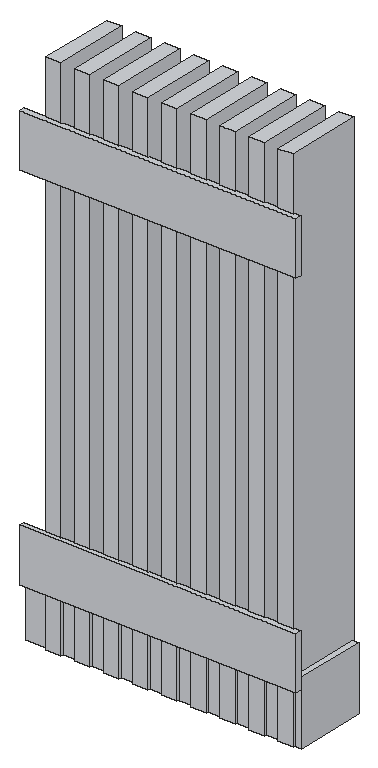
Revit family "GIS_Transformer_Radiator", category Modelos genéricos, Revit 2027
Family settings
  Pode hospedar o vergalhão = Não
  Cota do conector redondo = Utilizar diâmetro
  Tipo de parte = Normal
  Com base no plano de trabalho = Não
  Sempre na vertical = Sim
  Corte com vazios quando carregada = Não
  Manter orientação da anotação = Não
  Compartilhado = Não
  Ponto de cálculo do ambiente = Não
Parameters (values of type "TR_RADIATOR_STUDY")
  Elevação padrão = 0 mm
  BIM_TensaoSecundaria_kV = 0
  BIM_TensaoNominal_kV = 0
  BIM_TensaoClasse_kV = 0
  BIM_TensaoClasseSecundaria_kV = 0
  BIM_Sistema_Elemento [instance] = ""
  BIM_ReferenciaCatalogo = "Portfolio estimate; cooling data pending transformer datasheet"
  BIM_Profundidade = 320 mm
  BIM_Potencia_MVA = 0
  BIM_Localizacao [instance] = ""
  BIM_Largura = 1250 mm
  BIM_Impedancia_pu = 0
  BIM_FonteGeometria = "Portfolio estimate; cooling data pending transformer datasheet"
  BIM_Fabricante = "NAO SELECIONADO"
  BIM_EstadoGeometria = "ESTIMATED"
  BIM_EstadoEspecificacao = "PREMISSA / NAO SELECIONADO"
  BIM_DescricaoEstudo = "Banco de radiadores conceitual; area e perda termica nao selecionadas."
  BIM_CorrenteReferenciaSecundaria_A = 0
  BIM_CorrenteNominal_A = 0
  BIM_Bay [instance] = ""
  BIM_AlturaCorpoPrincipal = 288 mm
  BIM_Altura = 2400 mm
Reference planes
  plane 1 "Centro (Frente/Trás)": y = 0
  plane 2: z = 0
  plane 3 "Centro (Esquerda/Direita)": x = 0
  plane 4 "BIM Left": x = -625
  plane 5 "BIM Right": x = 625
  plane 6 "BIM Front": y = -160
  plane 7 "BIM Back": y = 160
Forms (mm)
  Extrusion 1, solid
    sketch origin (0, 0, 0) x (1, 0, 0) y (0, 1, 0)
      loop
        line (-625, -160) -> (625, -160) -> (625, 160) -> (-625, 160) -> (-625, -160)
    from 0 to 288 <- "BIM_AlturaCorpoPrincipal"
  Extrusion 2, solid
    sketch origin (0, 0, 0) x (1, 0, 0) y (0, 1, 0)
      loop
        line (-525, -170.668) -> (-456.25, -170.668) -> (-456.25, 170.668) -> (-525, 170.668) -> (-525, -170.668)
    from 0 to 2400
  Extrusion 3, solid
    sketch origin (0, 0, 0) x (1, 0, 0) y (0, 1, 0)
      loop
        line (-393.75, -170.668) -> (-325, -170.668) -> (-325, 170.668) -> (-393.75, 170.668) -> (-393.75, -170.668)
    from 0 to 2400
  Extrusion 4, solid
    sketch origin (0, 0, 0) x (1, 0, 0) y (0, 1, 0)
      loop
        line (-262.5, -170.668) -> (-193.75, -170.668) -> (-193.75, 170.668) -> (-262.5, 170.668) -> (-262.5, -170.668)
    from 0 to 2400
  Extrusion 5, solid
    sketch origin (0, 0, 0) x (1, 0, 0) y (0, 1, 0)
      loop
        line (-131.25, -170.668) -> (-62.5, -170.668) -> (-62.5, 170.668) -> (-131.25, 170.668) -> (-131.25, -170.668)
    from 0 to 2400
  Extrusion 6, solid
    sketch origin (0, 0, 0) x (1, 0, 0) y (0, 1, 0)
      loop
        line (0, -170.668) -> (68.75, -170.668) -> (68.75, 170.668) -> (0, 170.668) -> (0, -170.668)
    from 0 to 2400
  Extrusion 7, solid
    sketch origin (0, 0, 0) x (1, 0, 0) y (0, 1, 0)
      loop
        line (131.25, -170.668) -> (200, -170.668) -> (200, 170.668) -> (131.25, 170.668) -> (131.25, -170.668)
    from 0 to 2400
  Extrusion 8, solid
    sketch origin (0, 0, 0) x (1, 0, 0) y (0, 1, 0)
      loop
        line (262.5, -170.668) -> (331.25, -170.668) -> (331.25, 170.668) -> (262.5, 170.668) -> (262.5, -170.668)
    from 0 to 2400
  Extrusion 9, solid
    sketch origin (0, 0, 0) x (1, 0, 0) y (0, 1, 0)
      loop
        line (393.75, -170.668) -> (462.5, -170.668) -> (462.5, 170.668) -> (393.75, 170.668) -> (393.75, -170.668)
    from 0 to 2400
  Extrusion 10, solid
    sketch origin (0, 0, 0) x (1, 0, 0) y (0, 1, 0)
      loop
        line (525, -170.668) -> (593.75, -170.668) -> (593.75, 170.668) -> (525, 170.668) -> (525, -170.668)
    from 0 to 2400
  Extrusion 11, solid
    sketch origin (0, 0, 240) x (1, 0, 0) y (0, 1, 0)
      loop
        line (-625, -193.528) -> (625, -193.528) -> (625, -169.144) -> (-625, -169.144) -> (-625, -193.528)
    from 0 to 240
  Extrusion 12, solid
    sketch origin (0, 0, 1920) x (1, 0, 0) y (0, 1, 0)
      loop
        line (-625, -193.528) -> (625, -193.528) -> (625, -169.144) -> (-625, -169.144) -> (-625, -193.528)
    from 0 to 240
Dimensions and locks
  "BIM_Largura": plane 4 "BIM Left" to plane 5 "BIM Right"
  "BIM_Profundidade": plane 6 "BIM Front" to plane 7 "BIM Back"
  aligned and locked: level to plane 2
  aligned and locked: plane 4 "BIM Left" to Extrusion 1
  aligned and locked: Extrusion 1 to plane 5 "BIM Right"
  aligned and locked: Extrusion 1 to plane 6 "BIM Front"
  aligned and locked: plane 7 "BIM Back" to Extrusion 1
Automatic sketch dimensions
  Extrusion 1 sketch curve to plane 4 "BIM Left" = 0 mm
  Extrusion 1 sketch curve to plane 5 "BIM Right" = 0 mm
  Extrusion 1 sketch curve to plane 6 "BIM Front" = 0 mm
  Extrusion 1 sketch curve to plane 7 "BIM Back" = 0 mm
  Extrusion 2 sketch curve to plane 6 "BIM Front" = 10.668 mm
  Extrusion 2 sketch curve to plane 4 "BIM Left" = 100 mm
  plane 7 "BIM Back" to Extrusion 2 sketch curve = 10.668 mm
  Extrusion 2 sketch curve to Extrusion 2 sketch curve = 68.75 mm
  Extrusion 3 sketch curve to plane 6 "BIM Front" = 10.668 mm
  Extrusion 3 sketch curve to plane 4 "BIM Left" = 231.25 mm
  plane 7 "BIM Back" to Extrusion 3 sketch curve = 10.668 mm
  Extrusion 3 sketch curve to Extrusion 3 sketch curve = 68.75 mm
  Extrusion 4 sketch curve to plane 6 "BIM Front" = 10.668 mm
  Extrusion 4 sketch curve to plane 3 "Centro (Esquerda/Direita)" = 262.5 mm
  plane 7 "BIM Back" to Extrusion 4 sketch curve = 10.668 mm
  Extrusion 4 sketch curve to Extrusion 4 sketch curve = 68.75 mm
  Extrusion 5 sketch curve to plane 6 "BIM Front" = 10.668 mm
  Extrusion 5 sketch curve to plane 3 "Centro (Esquerda/Direita)" = 131.25 mm
  plane 7 "BIM Back" to Extrusion 5 sketch curve = 10.668 mm
  Extrusion 5 sketch curve to plane 3 "Centro (Esquerda/Direita)" = 62.5 mm
  Extrusion 6 sketch curve to plane 3 "Centro (Esquerda/Direita)" = 0 mm
  plane 7 "BIM Back" to Extrusion 6 sketch curve = 10.668 mm
  plane 3 "Centro (Esquerda/Direita)" to Extrusion 6 sketch curve = 68.75 mm
  Extrusion 6 sketch curve to plane 6 "BIM Front" = 10.668 mm
  Extrusion 7 sketch curve to plane 6 "BIM Front" = 10.668 mm
  plane 3 "Centro (Esquerda/Direita)" to Extrusion 7 sketch curve = 131.25 mm
  plane 7 "BIM Back" to Extrusion 7 sketch curve = 10.668 mm
  Extrusion 7 sketch curve to Extrusion 7 sketch curve = 68.75 mm
  Extrusion 8 sketch curve to plane 6 "BIM Front" = 10.668 mm
  plane 3 "Centro (Esquerda/Direita)" to Extrusion 8 sketch curve = 262.5 mm
  plane 7 "BIM Back" to Extrusion 8 sketch curve = 10.668 mm
  Extrusion 8 sketch curve to Extrusion 8 sketch curve = 68.75 mm
  Extrusion 9 sketch curve to plane 6 "BIM Front" = 10.668 mm
  plane 5 "BIM Right" to Extrusion 9 sketch curve = 231.25 mm
  plane 7 "BIM Back" to Extrusion 9 sketch curve = 10.668 mm
  Extrusion 9 sketch curve to Extrusion 9 sketch curve = 68.75 mm
  Extrusion 10 sketch curve to plane 6 "BIM Front" = 10.668 mm
  plane 5 "BIM Right" to Extrusion 10 sketch curve = 100 mm
  plane 7 "BIM Back" to Extrusion 10 sketch curve = 10.668 mm
  plane 5 "BIM Right" to Extrusion 10 sketch curve = 31.25 mm
  Extrusion 11 sketch curve to plane 4 "BIM Left" = 0 mm
  Extrusion 11 sketch curve to plane 5 "BIM Right" = 0 mm
  Extrusion 11 sketch curve to plane 6 "BIM Front" = 33.528 mm
  Extrusion 11 sketch curve to plane 6 "BIM Front" = 9.144 mm
  Extrusion 12 sketch curve to plane 4 "BIM Left" = 0 mm
  Extrusion 12 sketch curve to plane 5 "BIM Right" = 0 mm
  Extrusion 12 sketch curve to plane 6 "BIM Front" = 33.528 mm
  Extrusion 12 sketch curve to plane 6 "BIM Front" = 9.144 mm
